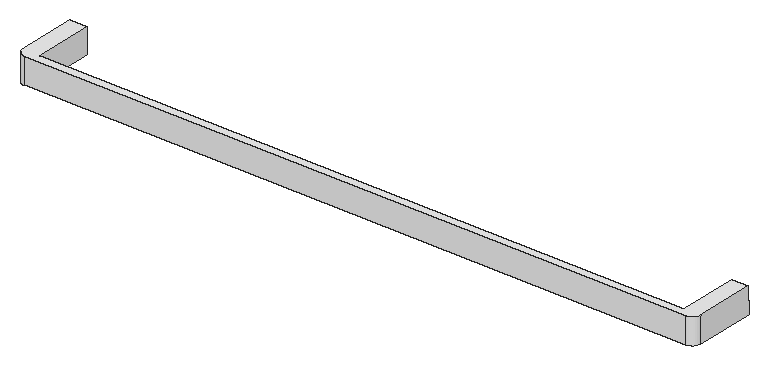
Revit family "Spec Equip_Towel Rail_Argent_Mondrian Neu 800mm", category Specialty Equipment, Revit 2016
Family settings
  Part Type = Normal
  Round Connector Dimension = Use Diameter
  OmniClass Number = 23.40.20.21
  OmniClass Title = Toilet and Bath Specialties
  Work Plane-Based = No
  Always vertical = Yes
  Cut with Voids When Loaded = Yes
  Shared = No
  Room Calculation Point = No
Parameters (values of type "Chrome")
  Waste Connection = no
  WFU = 0
  Vent Connection = no
  URL = "https://www.argentaust.com.au/"
  Type Comments = "Chrome Finish"
  ModifiedIssue_ANZRS = 20190716
  Model = "AR93632"  # constant formula
  Manufacturer_URL__Product Specific = "https://www.argentaust.com.au/argent-accessories-towel-rails-mondrian-neu-800mm-towel-rail?item=9923"
  Manufacturer_Spec Code = Model  # "AR93632"
  Manufacturer_Overall Width = 800 mm  # constant formula
  Manufacturer_Overall Height = 30 mm  # constant formula
  Manufacturer_Overall Depth = 80 mm  # constant formula
  Manufacturer_Height From FFL [instance] = 1050 mm
  Manufacturer = "Argent"  # constant formula
  Keynote = ""
  HWFU = 0
  HW Connection = no
  Description = "Mondrian Neu 800mm Towel Rail"  # constant formula
  CreatedBy_ANZRS = "IGS BIM Solutions"  # constant formula
  CreatedByURL_ANZRS = "https://igsgroup.com.au/"
  Cost = 0
  CWFU = 0
  CW Connection = no
  Body Material = z_Argent_Chrome
  Assembly Code = ""
Reference planes
  plane 1 "Ref. Level": z = 0
  plane 2 "Center (Left/Right)": x = -4.48
  plane 3 "Left": x = -404.48
  plane 4 "Right": x = 395.52
  plane 5 "Center (Front/Back)": y = -400.5
  plane 6 "Back": y = -360.5
  plane 7 "Bottom": z = 1035
  plane 8 "Front": y = -440.5
  plane 9 "Top": z = 1065
  plane 10 "Left Offset": x = -384.48
  plane 11 "Right Offset": x = 375.52
  plane 12 "Center elevation": z = 1050
Forms (mm)
  Extrusion 1, solid, material "z_Argent_Chrome" <- "Body Material"
    sketch origin (-89.564, -1524, 1035) x (0, -1, 0) y (1, 0, 0)
      loop
        line (-1163.5, -314.916) -> (-1093.5, -314.916)
        arc (-1093.5, -314.916) -> (-1086.429, -311.987) -> (-1083.5, -304.916) r 10
        line (-1083.5, -304.916) -> (-1083.5, -294.916) -> (-1163.5, -294.916) -> (-1163.5, -314.916)
    from 0 to -30
  Extrusion 2, solid, material "z_Argent_Chrome" <- "Body Material"
    sketch origin (280.604, -1524, 1035) x (0, 1, 0) y (-1, 0, 0)
      loop
        line (1163.5, -114.916) -> (1163.5, -94.916) -> (1083.5, -94.916) -> (1083.5, -104.916)
        arc (1083.5, -104.916) -> (1086.429, -111.987) -> (1093.5, -114.916) r 10
        line (1093.5, -114.916) -> (1163.5, -114.916)
    from 0 to -30
  Extrusion 3, solid, material "z_Argent_Chrome" <- "Body Material"
    sketch origin (-89.564, -1524, 1035) x (0, -1, 0) y (1, 0, 0)
      loop
        line (-1083.5, 465.084) -> (-1093.5, 465.084) -> (-1093.5, -294.916) -> (-1083.5, -294.916) -> (-1083.5, 465.084)
    from 0 to -30
Cuts and joins
  joined: Extrusion 1, Extrusion 2, Extrusion 3
Lines and regions (mm)
  Masking region 1
    outline origin (0, 0, 1065) x (0, 1, 0) y (-1, 0, 0)
      loop
        line (-360.5, 404.48) -> (-430.5, 404.48)
        arc (-430.5, 404.48) -> (-437.571, 401.551) -> (-440.5, 394.48) r 10
        line (-440.5, 394.48) -> (-440.5, -385.52)
        arc (-440.5, -385.52) -> (-437.571, -392.591) -> (-430.5, -395.52) r 10
        line (-430.5, -395.52) -> (-360.5, -395.52) -> (-360.5, -375.52) -> (-430.5, -375.52) -> (-430.5, 384.48) -> (-360.5, 384.48) -> (-360.5, 404.48)
  Masking region 2
    outline origin (0, -440.5, 0) x (0, 0, 1) y (-1, 0, 0)
      loop
        line (1065, 404.48) -> (1035, 404.48) -> (1035, -395.52) -> (1065, -395.52) -> (1065, 404.48)
  Masking region 3
    outline origin (395.52, 0, 0) x (0, 1, 0) y (0, 0, 1)
      loop
        line (-360.5, 1035) -> (-360.5, 1065) -> (-440.5, 1065) -> (-440.5, 1035) -> (-360.5, 1035)
Text (mm)
  text "Disclaimer:\n\nDue to ongoing product development and manufacturing evolution, product details are subject to change without notice. Please refer to product technical data sheets on the manufacturer’s website for the most current product information. Please allow a +/- 5mm manufacturing tolerance for dimensions and set-outs shown in product literature." at (465.826, -321.745, 0), in view "Ref. Level_Instruction"
Dimensions and locks
  "Manufacturer_Overall Height": plane 9 "Top" to plane 7 "Bottom"
  equal spacing: plane 3 "Left", plane 2 "Center (Left/Right)", plane 4 "Right"
  "Manufacturer_Overall Width": plane 3 "Left" to plane 4 "Right"
  "Manufacturer_Overall Depth": plane 8 "Front" to plane 6 "Back"
  equal spacing: plane 8 "Front", plane 5 "Center (Front/Back)", plane 6 "Back"
  locked: plane 3 "Left" to plane 10 "Left Offset" at 20
  locked: plane 11 "Right Offset" to plane 4 "Right" at 20
  equal spacing: plane 9 "Top", plane 12 "Center elevation", plane 7 "Bottom"
  "Manufacturer_Height From FFL": plane 12 "Center elevation" to plane 1 "Ref. Level"
  aligned and locked: Extrusion 1 sketch curve to plane 3 "Left"
  aligned and locked: Extrusion 1 sketch curve to plane 10 "Left Offset"
  aligned and locked: Extrusion 1 sketch curve to plane 6 "Back"
  aligned and locked: Extrusion 1 sketch curve to plane 8 "Front"
  aligned and locked: Extrusion 1 to plane 9 "Top"
  aligned and locked: plane 6 "Back" to Extrusion 2 sketch curve
  aligned and locked: plane 11 "Right Offset" to Extrusion 2 sketch curve
  aligned and locked: Extrusion 2 sketch curve to plane 4 "Right"
  aligned and locked: plane 8 "Front" to Extrusion 2 sketch curve
  aligned and locked: Extrusion 3 sketch curve to plane 8 "Front"
  aligned and locked: Extrusion 3 sketch curve to plane 10 "Left Offset"
  aligned and locked: plane 11 "Right Offset" to Extrusion 3 sketch curve
  aligned and locked: Extrusion 3 to plane 9 "Top"
  aligned and locked: plane 3 "Left" to Masking region 1 sketch curve
  aligned and locked: plane 6 "Back" to Masking region 1 sketch curve
  aligned and locked: plane 10 "Left Offset" to Masking region 1 sketch curve
  aligned and locked: plane 8 "Front" to Masking region 1 sketch curve
  aligned and locked: Masking region 2 sketch curve to plane 3 "Left"
  aligned and locked: Masking region 2 sketch curve to plane 4 "Right"
  aligned and locked: Masking region 3 sketch curve to plane 7 "Bottom"
  aligned and locked: plane 6 "Back" to Masking region 3 sketch curve
  aligned and locked: plane 8 "Front" to Masking region 3 sketch curve
  aligned and locked: plane 9 "Top" to Masking region 3 sketch curve
Automatic sketch dimensions
  plane 8 "Front" to Extrusion 1 sketch curve = 10 mm
  plane 4 "Right" to Extrusion 2 sketch curve = 10 mm
  plane 8 "Front" to Extrusion 3 sketch curve = 10 mm
  Masking region 1 sketch curve to plane 11 "Right Offset" = 0 mm
  Masking region 1 sketch curve to plane 4 "Right" = 0 mm
  Masking region 1 sketch curve to plane 6 "Back" = 0 mm
  Masking region 1 sketch curve to plane 8 "Front" = 10 mm  (x2)
  Masking region 1 sketch curve to Masking region 1 sketch curve = 0 mm
  plane 9 "Top" to Masking region 2 sketch curve = 0 mm
  Masking region 2 sketch curve to plane 7 "Bottom" = 0 mm
